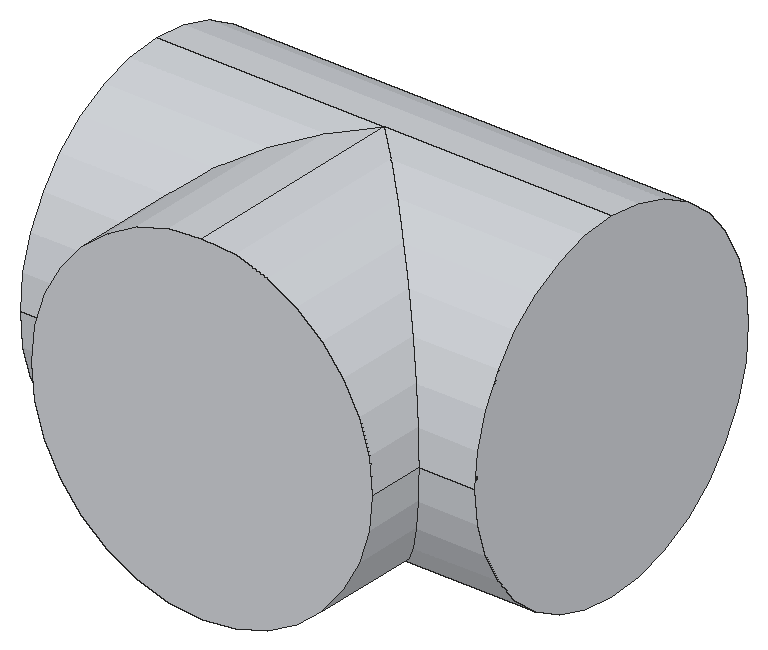
Revit family "a1324cf2538a4c91bc823b77bdb8cd3c", category Duct Fittings, Revit 2021
Family settings
  Round Connector Dimension = Use Radius
  Part Type = Tee
  OmniClass Number = 23.75.70.14
  OmniClass Title = Air Ductwork
  Seek Item ID = Round Tee-0000-USA-ENU
  Work Plane-Based = No
  Always vertical = Yes
  Cut with Voids When Loaded = No
  Shared = No
Parameters (values of type "Standard")
  Duct Radius 3 [instance] = 6"
  Duct Radius 1 [instance] = 6"
  Duct Length 3 [instance] = Duct Radius 1 + 0' 2"  # 8"
  Duct Length 1 [instance] = Duct Radius 3 * 2 + 0' 4"  # 16"
  Default Elevation = 0' - 0"
  Assembly Code = ""
Reference planes (in)
  plane 1 "Center (Front/Back)": y = 0
  plane 2: z = 0
  plane 3 "Center (Left/Right)": x = 0
  plane 4: x = -8
  plane 5: x = 8
  plane 6: y = -8
Forms (in)
  Sweep 1, solid, detail levels medium+fine
    path in 3D
      loop
        line (-8, 0, 0) -> (8, 0, 0)
    profile "Duct - Round : Duct - Round Main" origin (0, 0, 0) x (0, 1, 0) y (0, 0, 1)
      loop
        arc (-6, 0) -> (-4.24264, -4.24264) -> (0, -6) r 6
        arc (0, -6) -> (4.24264, -4.24264) -> (6, 0) r 6
        arc (6, 0) -> (4.24264, 4.24264) -> (0, 6) r 6
        arc (0, 6) -> (-4.24264, 4.24264) -> (-6, 0) r 6
  Sweep 2, solid, detail levels medium+fine
    path in 3D
      loop
        line (0, 0, 0) -> (0, -8, 0)
    profile "Duct - Round : Duct - Round Branch" origin (0, -4, 0) x (1, 0, 0) y (0, 0, 1)
      loop
        arc (-6, 0) -> (-4.24264, -4.24264) -> (0, -6) r 6
        arc (0, -6) -> (4.24264, -4.24264) -> (6, 0) r 6
        arc (6, 0) -> (4.24264, 4.24264) -> (0, 6) r 6
        arc (0, 6) -> (-4.24264, 4.24264) -> (-6, 0) r 6
Cuts and joins
  joined: Sweep 1, Sweep 2
Lines and regions (in)
  reference lines
    curve 1: line (-8, 0, 0) -> (8, 0, 0)
    curve 2: line (0, 0, 0) -> (0, -8, 0)
  sketch lines
    curve 3: line (-8, 0, 0) -> (8, 0, 0)
    curve 4: line (0, 0, 0) -> (0, -8, 0)
  model lines, style "DuctFitting", detail levels coarse
    curve 5: line (-8, 0, 0) -> (8, 0, 0)
    curve 6: line (0, 0, 0) -> (0, -8, 0)
Dimensions and locks (in)
  equal spacing: plane 4, plane 3 "Center (Left/Right)", plane 5
  "Duct Length 1": plane 4 to plane 5
  "Duct Length 3": plane 6 to plane 1 "Center (Front/Back)"
  aligned and locked: plane 1 "Center (Front/Back)" to curve 1
  aligned and locked: plane 5 to curve 1
  aligned and locked: plane 4 to curve 1
  aligned and locked: curve 2 to plane 3 "Center (Left/Right)"
  aligned and locked: plane 6 to curve 2
  aligned and locked: plane 1 "Center (Front/Back)" to curve 2
  aligned and locked: curve 5 to curve 1
  aligned and locked: curve 6 to curve 2
  aligned and locked: plane 4 to curve 5
  aligned and locked: plane 5 to curve 5
  aligned and locked: plane 6 to curve 6
  aligned and locked: plane 1 "Center (Front/Back)" to curve 6
Connectors (in)
  hvac at (-8, 0, 0), driven by "Duct Radius 1"
    settings: on cut or joined group of Sweep 1, Sweep 2, index 1, duct flow 0 CFM, flow factor 0, pres drop 0.00 in-wg, loss coef 0, conn angle 0.00°, conn width 12", conn height 12", conn diameter 12", duct sys type 28, conn prof type 0, flow config 0, flow direction 0, loss method 0, conn ref index 2, conn util no, is conn primary yes, conn desc ""
  hvac at (8, 0, 0), driven by "Duct Radius 1"
    settings: on cut or joined group of Sweep 1, Sweep 2, index 2, duct flow 0 CFM, flow factor 0, pres drop 0.00 in-wg, loss coef 0, conn angle 0.00°, conn width 12", conn height 12", conn diameter 12", duct sys type 28, conn prof type 0, flow config 0, flow direction 0, loss method 0, conn ref index 1, conn util no, is conn primary no, conn desc ""
  hvac at (0, -8, 0), driven by "Duct Radius 3"
    settings: on cut or joined group of Sweep 1, Sweep 2, index 3, duct flow 0 CFM, flow factor 0, pres drop 0.00 in-wg, loss coef 0, conn angle 0.00°, conn width 12", conn height 12", conn diameter 12", duct sys type 28, conn prof type 0, flow config 0, flow direction 0, loss method 0, conn ref index -1, conn util no, is conn primary no, conn desc ""
